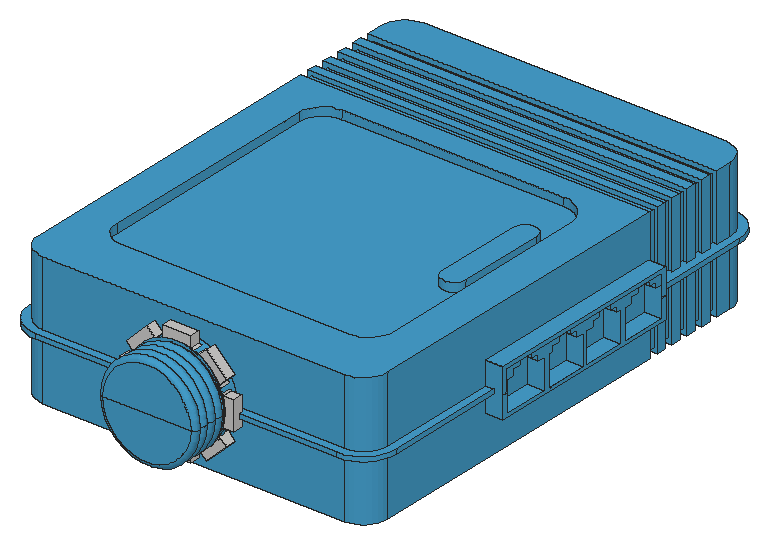
Revit family "NXRC", category Communication Devices, host Face, Revit 2014
Parameters (values of type "NXRC")
  Warranty = "5-Years Warranty"  # constant formula
  Voltage = "120/277/347 VAC"
  Type Comments = "NX Room Controller"  # constant formula
  Standby Power = "120VAC: 1.2,277VAC: 1.5,347VAC: 1.5"  # constant formula
  Product Page URL = "https://www.hubbell.com/hubbellcontrolsolutions/en/Products/Lighting-Controls/Lighting-Controls-Sensors/NX-Distributed-Intelligence-Lighting-Controls/NX-Room-Controller/p/220943"
  Product Documentation Link = "https://hubbellcdn.com/specsheet/3451A_NX_Room_Controller.pdf"
  URL = "https://www.hubbell.com/hubbellcontrolsolutions/en"
  Model = "NX Room Controller"  # constant formula
  Manufacturer = "Hubbell Control Solutions"  # constant formula
  L = 5.26"
  Washer = Metal-Hubbell-Galvanized_Steel
  Features = "Single or dual relay versions for On/Off or bi-level control\r\nApproved for use with controlled receptacles\r\nOptional 0-10V interface for full range dimming control\r\nOverride push button and status LED per relay/dimmer\r\nSmartPORT auto configuration support for NX Occupancy Sensors, Daylight Sensors and Smart Switch Stations\r\nAdvanced wireless Bluetooth configuration with free iOS and Android Apps\r\nIntelligently and automatically responds to sensors and switches in the most energy efficient manner\r\nConnect NX Room Controllers with CAT5 for additional loads\r\nSchedules are held in the devices themselves (requires optional network connection)\r\nUL Listed\r\nFive-year limited warranty"  # constant formula
  Dimming = "Class 2 0-10VDC, 60mA per channel\r\nFor use with low voltage, two-wire dimming ballast and LED drivers"  # constant formula
  Description = "The NX Room Controller is the central component of the NX room control solution. Used individually or in combination with other NX Room Controllers, the NX Room Controller provides a complete standalone room control solution that can be networked for facility wide lighting control. The NX Room Controller uses SmartPORT technology to automatically configure occupancy sensors and manual control switches to provide an energy efficient room control solution without the need for any programming or commissioning. When devices are plugged into one of the NX Room Controllers SmartPORTs, the NX Room Controller automatically and intelligently configures the connected devices for operation. Changes may be made to the automatic configurations at any time using NX Bluetooth enabled Apps or when networked through the NX Area Controller. NX Room Controllers are available with one or two independently controlled relays for On/Off and Bi-Level control. Dimming versions are available with one or two 0-10V control signal outputs for full range dimming control of dimmable ballasts and LED drivers."  # constant formula
  Default Elevation = 48.00"
  Copyright = "Copyright © 2021 Hubbell Control Solutions"  # constant formula
  Controls - Intergral Sensors = "NX Occupancy Sensors, Daylight Sensors and Smart Switch Stations"  # constant formula
  Contact Us = "https://www.hubbell.com/hubbellcontrolsolutions/en/contactUs?productId=220943"
  Housing Material = Plastic - Hubbell - Blue
  Certification = "Conforms with UL916 and Certified to CAN/CSA C22.2 No. 205-M1983\r\nIC Approved\r\nTitle 24 compliance"  # constant formula
  Assembly Code = "D5090"
Reference planes (in)
  plane 1 "Center (Front/Back)": y = 13.01342
  plane 2: z = 0
  plane 3 "Center (Left/Right)": x = 0
Forms (in)
  Extrusion 1, solid, material "Plastic - Hubbell - Blue" <- "Housing Material"
    sketch origin (13.06888, 12.96782, 0) x (0, 1, 0) y (-1, 0, 0)
      loop
        arc (-2.18, 14.837) -> (-2.35678, 14.76378) -> (-2.43, 14.587) r 0.25
        line (-2.43, 14.587) -> (-2.43, 11.4497)
        arc (-2.43, 11.4497) -> (-2.35678, 11.27292) -> (-2.18, 11.1997) r 0.25
        line (-2.18, 11.1997) -> (2.28105, 11.1997)
        arc (2.28105, 11.1997) -> (2.45783, 11.27292) -> (2.53105, 11.4497) r 0.25
        line (2.53105, 11.4497) -> (2.53105, 14.587)
        arc (2.53105, 14.587) -> (2.45783, 14.76378) -> (2.28105, 14.837) r 0.25
        line (2.28105, 14.837) -> (-2.18, 14.837)
    from 0 to 1.37
  Extrusion 2, solid, material "Plastic - Hubbell - Blue" <- "Housing Material"
    sketch origin (0, 13.01342, 0) x (1, 0, 0) y (0, 0, 1)
      loop
        circle (0, 0.69328) r 0.5
    from 2.4756 to 2.63509
  Extrusion 3, solid, material "Metal-Hubbell-Galvanized_Steel" <- "Washer"
    sketch origin (0, 13.01342, 0) x (1, 0, 0) y (0, 0, 1)
      loop
        arc (-0.14745, 1.17104) -> (-0.19134, 1.15521) -> (-0.23356, 1.13537) r 0.5
        line (-0.23356, 1.13537) -> (-0.31252, 1.21433) -> (-0.52105, 1.0058) -> (-0.4421, 0.92684)
        arc (-0.4421, 0.92684) -> (-0.46194, 0.88462) -> (-0.47776, 0.84073) r 0.5
        line (-0.47776, 0.84073) -> (-0.58943, 0.84073) -> (-0.58943, 0.54582) -> (-0.47776, 0.54582)
        arc (-0.47776, 0.54582) -> (-0.46194, 0.50193) -> (-0.4421, 0.45971) r 0.5
        line (-0.4421, 0.45971) -> (-0.52105, 0.38075) -> (-0.31252, 0.17222) -> (-0.23356, 0.25118)
        arc (-0.23356, 0.25118) -> (-0.19134, 0.23134) -> (-0.14745, 0.21551) r 0.5
        line (-0.14745, 0.21551) -> (-0.14745, 0.10385) -> (0.14745, 0.10385) -> (0.14745, 0.21551)
        arc (0.14745, 0.21551) -> (0.19134, 0.23134) -> (0.23356, 0.25118) r 0.5
        line (0.23356, 0.25118) -> (0.31252, 0.17222) -> (0.52105, 0.38075) -> (0.4421, 0.45971)
        arc (0.4421, 0.45971) -> (0.46194, 0.50193) -> (0.47776, 0.54582) r 0.5
        line (0.47776, 0.54582) -> (0.58943, 0.54582) -> (0.58943, 0.84073) -> (0.47776, 0.84073)
        arc (0.47776, 0.84073) -> (0.46194, 0.88462) -> (0.4421, 0.92684) r 0.5
        line (0.4421, 0.92684) -> (0.52105, 1.0058) -> (0.31252, 1.21433) -> (0.23356, 1.13537)
        arc (0.23356, 1.13537) -> (0.19134, 1.15521) -> (0.14745, 1.17104) r 0.5
        line (0.14745, 1.17104) -> (0.14745, 1.2827) -> (-0.14745, 1.2827) -> (-0.14745, 1.17104)
    from 2.52708 to 2.63509
  Revolve 4, solid, material "Plastic - Hubbell - Blue" <- "Housing Material"
    sketch origin (0, 0.42187, 0.67855) x (1, 0, 0) y (0, 1, 0)
      loop
        line (0, 10.04358) -> (0, 9.56701) -> (0.45403, 9.568)
        arc (0.45403, 9.568) -> (0.50159, 9.61556) -> (0.45403, 9.66312) r 0.04756
        arc (0.45403, 9.66312) -> (0.50159, 9.71067) -> (0.45403, 9.75823) r 0.04756
        arc (0.45403, 9.75823) -> (0.50159, 9.80579) -> (0.45403, 9.85335) r 0.04756
        arc (0.45403, 9.85335) -> (0.50159, 9.9009) -> (0.45403, 9.94846) r 0.04756
        arc (0.45403, 9.94846) -> (0.50159, 9.99602) -> (0.45403, 10.04358) r 0.04756
        line (0.45403, 10.04358) -> (0, 10.04358)
      axis (0, 10.04358) -> (0, 9.56701)
    angle from 0 to 360
  Extrusion 5, void
    sketch origin (0, 0.1875, 0) x (1, 0, 0) y (0, 1, 0)
      loop
        line (-1.13959, 10.89421) -> (1.23733, 10.89421)
        arc (1.23733, 10.89421) -> (1.41411, 10.96743) -> (1.48733, 11.14421) r 0.25
        line (1.48733, 11.14421) -> (1.48733, 13.44436)
        arc (1.48733, 13.44436) -> (1.39218, 13.67406) -> (1.16248, 13.76921) r 0.32485
        line (1.16248, 13.76921) -> (-1.13959, 13.76921)
        arc (-1.13959, 13.76921) -> (-1.31636, 13.69599) -> (-1.38959, 13.51921) r 0.25
        line (-1.38959, 13.51921) -> (-1.38959, 11.14421)
        arc (-1.38959, 11.14421) -> (-1.31636, 10.96743) -> (-1.13959, 10.89421) r 0.25
    from 1.2827 to 1.37
  Extrusion 6, solid, material "Plastic - Hubbell - Blue" <- "Housing Material"
    sketch origin (2.5, -0.15625, 0) x (1, 0, 0) y (0, 1, 0)
      loop
        arc (-1.33943, 12.5422) -> (-1.21443, 12.4172) -> (-1.08943, 12.5422) r 0.125
        line (-1.08943, 12.5422) -> (-1.08943, 13.4561)
        arc (-1.08943, 13.4561) -> (-1.21443, 13.5811) -> (-1.33943, 13.4561) r 0.125
        line (-1.33943, 13.4561) -> (-1.33943, 12.5422)
    from 1.2827 to 1.37
  Extrusion 7, solid, material "Plastic - Hubbell - Blue"
    sketch origin (0, 0, 0) x (0, 1, 0) y (0, 0, 1)
      loop
        line (12.05823, 0.93272) -> (12.05823, 0.43272) -> (14.1811, 0.43272) -> (14.1811, 0.93272) -> (12.05823, 0.93272)
      loop
        line (12.09385, 0.8971) -> (12.09385, 0.46835) -> (14.12985, 0.46835) -> (14.12985, 0.8971) -> (12.09385, 0.8971)
    from 1.86918 to 2.05666
  Extrusion 8, solid, material "Plastic - Hubbell - Blue" <- "Housing Material"
    sketch origin (0, 0, 0) x (0, 1, 0) y (0, 0, -1)
      loop
        line (14.12985, -0.78783) -> (14.12985, -0.46835) -> (13.64038, -0.46835) -> (13.64038, -0.78783) -> (13.72524, -0.78783) -> (13.72524, -0.84943) -> (13.80782, -0.84943) -> (13.80782, -0.8971) -> (13.96717, -0.8971) -> (13.96717, -0.84943) -> (14.04975, -0.84943) -> (14.04975, -0.78783) -> (14.12985, -0.78783)
      loop
        line (13.59252, -0.78783) -> (13.59252, -0.46835) -> (13.13529, -0.46835) -> (13.13529, -0.78783) -> (13.22015, -0.78783) -> (13.22015, -0.84943) -> (13.30272, -0.84943) -> (13.30272, -0.8971) -> (13.46208, -0.8971) -> (13.46208, -0.84943) -> (13.54465, -0.84943) -> (13.54465, -0.78783) -> (13.59252, -0.78783)
      loop
        line (12.10948, -0.78783) -> (12.18958, -0.78783) -> (12.18958, -0.84943) -> (12.27215, -0.84943) -> (12.27215, -0.8971) -> (12.43151, -0.8971) -> (12.43151, -0.84943) -> (12.51408, -0.84943) -> (12.51408, -0.78783) -> (12.59894, -0.78783) -> (12.59894, -0.46835) -> (12.10948, -0.46835) -> (12.10948, -0.78783)
      loop
        line (12.64681, -0.78783) -> (12.69467, -0.78783) -> (12.69467, -0.84943) -> (12.77725, -0.84943) -> (12.77725, -0.8971) -> (12.9366, -0.8971) -> (12.9366, -0.84943) -> (13.01918, -0.84943) -> (13.01918, -0.78783) -> (13.10404, -0.78783) -> (13.10404, -0.46835) -> (12.64681, -0.46835) -> (12.64681, -0.78783)
      loop
        line (14.1811, -0.93272) -> (14.1811, -0.43272) -> (12.05823, -0.43272) -> (12.05823, -0.93272) -> (14.1811, -0.93272)
    from -1.76813 to -2.05666
  Sweep 9, void
    path origin (0, 14.04467, 0) x (1, 0, 0) y (0, 0, -1)
      loop
        line (1.86918, -1.37) -> (1.86918, 0) -> (-1.76813, 0) -> (-1.76813, -1.37) -> (1.86918, -1.37)
    profile origin (0.05053, 14.04467, 1.37) x (0, 0, 1) y (0, 1, 0)
      loop
        line (0, 0.15978) -> (0, 0.25674) -> (-0.04095, 0.25674) -> (-0.04095, 0.15978) -> (0, 0.15978)
      loop
        line (-0.04876, 0.35369) -> (0, 0.35369) -> (0, 0.45065) -> (-0.04876, 0.45065) -> (-0.04876, 0.35369)
      loop
        line (-0.04876, 0.54761) -> (0, 0.54761) -> (0, 0.64457) -> (-0.04876, 0.64457) -> (-0.04876, 0.54761)
      loop
        line (-0.04876, 0.74153) -> (0, 0.74153) -> (0, 0.83848) -> (-0.04876, 0.83848) -> (-0.04876, 0.74153)
      loop
        line (-0.04876, 0.93544) -> (0, 0.93544) -> (0, 1.0324) -> (-0.04876, 1.0324) -> (-0.04876, 0.93544)
  Sweep 10, solid, material "Plastic - Hubbell - Blue" <- "Housing Material"
    path origin (0, 0, 0) x (1, 0, 0) y (0, 1, 0)
      loop
        line (1.86918, 14.1811) -> (1.86918, 15.24888)
        arc (1.86918, 15.24888) -> (1.79596, 15.42565) -> (1.61918, 15.49888) r 0.25
        line (1.61918, 15.49888) -> (-1.51813, 15.49888)
        arc (-1.51813, 15.49888) -> (-1.6949, 15.42565) -> (-1.76813, 15.24888) r 0.25
        line (-1.76813, 15.24888) -> (-1.76813, 10.78782)
        arc (-1.76813, 10.78782) -> (-1.6949, 10.61105) -> (-1.51813, 10.53782) r 0.25
        line (-1.51813, 10.53782) -> (1.61918, 10.53782)
        arc (1.61918, 10.53782) -> (1.79596, 10.61105) -> (1.86918, 10.78782) r 0.25
        line (1.86918, 10.78782) -> (1.86918, 12.05823)
    profile origin (1.79596, 15.42565, 0) x (-0.707107, -0.707107, 0) y (0, 0, 1)
      loop
        line (0.05582, 0.64062) -> (0.05582, 0.6873) -> (-0.09418, 0.6873) -> (-0.09418, 0.64062) -> (0.05582, 0.64062)
Cuts and joins
  Extrusion 5, Sweep 9 cuts Extrusion 1
  Sweep 9 cuts Extrusion 6
  Sweep 9 cuts Extrusion 7
  Sweep 9 cuts Extrusion 8
Dimensions and locks (in)
  aligned and locked: plane 2 to host face
  aligned and locked: level to host face
  aligned and locked: Extrusion 2 to cut or joined group of Extrusion 1, Extrusion 5, Sweep 9
  aligned and locked: Extrusion 1 to Extrusion 5
  aligned and locked: cut or joined group of Extrusion 1, Extrusion 5, Sweep 9 to Extrusion 6
  aligned and locked: Extrusion 7 to Extrusion 8
Connectors (in)
  electrical at (0.05053, 11.84336, 0)
    settings: on cut or joined group of Extrusion 1, Extrusion 5, Sweep 9, index 1, voltage 0 V, apparent load 0 VA, apparent load phase1 0 VA, apparent load phase2 0 VA, apparent load phase3 0 VA, power factor 1, load classification "Other", number of poles 1, system type 13, power factor state 1, is connector primary yes, connector utility no, sub classification motor no, connector description "NX Room Controller"
